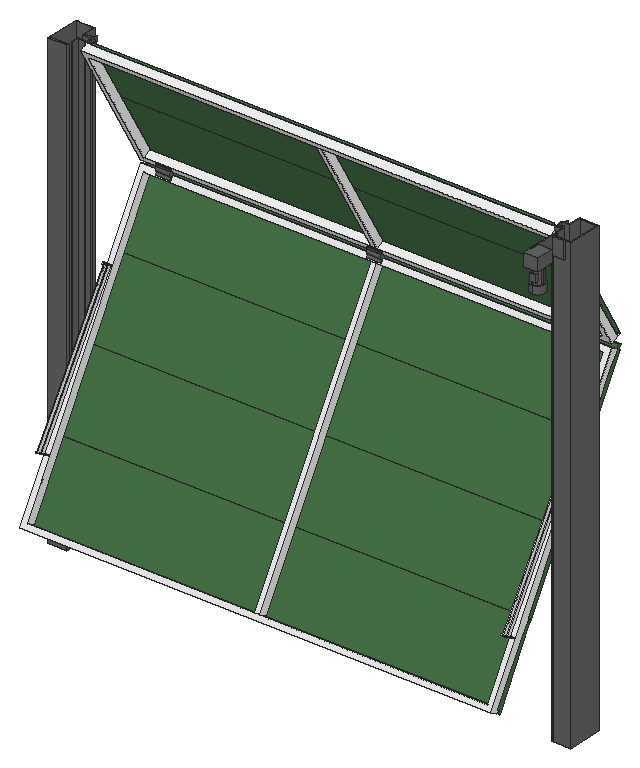
Revit family "2014-ES_Puerta-Basculante-Contrapesada-Preleva-2-Hojas_AEPA_XXX", category Puertas, Revit 2014
Parameters (values of type "Puerta Garaje 3000x2600 mm")
  Uniclass 2.0 Descripción = "Folding gate automation mechanisms"  # constant formula
  Uniclass 2.0 Código = "30-59-33-31"  # constant formula
  URL = "http://www.aepa.ws/web/index.php"
  UNSPSC Código = "30171526"  # constant formula
  UNSPSC Categoría = "Folding door"  # constant formula
  Omniclass Título = "Folding Composite Doors"  # constant formula
  Omniclass Código = "23-17 11 19 15"  # constant formula
  Modelo = "Genérico AEPA"  # constant formula
  Material estructura Acero = Acero - Puerta Generica - AEPA
  Material estructura Aluminio = Aluminio- Puerta Generica- AEPA
  Material de acabado = Panel Sandwich- Puerta Generica- AEPA
  Masterformat Descripción = "Folding Doors"  # constant formula
  Masterformat Código = "08 35 13"  # constant formula
  IFC Clasificación = ""
  Fecha de Caducidad de Información = "01/01/2016"  # constant formula
  Fecha Revisión de Contenido = "19/12/2014"  # constant formula
  Fabricante - ROLLTORE PORTIS = "http://www.portis.es/"
  Fabricante - PUERTAS BAHÍA = "http://www.puertasbahia.com/"
  Distancia Refuerzo inferior [instance] = Altura dos tercios - 200 mm  # 1533.333 mm
  Descripción = "Puerta Basculante Contrapesada Prelevas 2 Hojas"  # constant formula
  Creado por = "Bimetica Parametric Design Services S.L."  # constant formula
  Colección = "Biblioteca BIM AEPA"  # constant formula
  COBie Categoría = ""
  Bimetica = "http://www.bimetica.com"
  Asociación - AEPA = "http://www.aepa.ws/web/index.php"
  Angulo de giro inferior = Angulo de giro CONTROL * 2  # 120.00°
  Grosor = 200 mm
  Función = Interior
  Angulo de giro CONTROL = if(Angulo de giro APERTURA < 2.00°, 2.00°, if(Angulo de giro APERTURA > 90.00°, 90.00°, Angulo de giro APERTURA))  # 60.00°
  Angulo de giro APERTURA = 60.00°
  Anchura CONTROL = if(Anchura > 5000 mm, 5000 mm, if(Anchura < 2200 mm, 2200 mm, Anchura))  # 3000 mm
  Altura_panel_superior = (Altura CONTROL - Altura dos tercios) - 5 mm  # 861.667 mm
  Altura_panel_inferior = Altura dos tercios - 5 mm  # 1728.333 mm
  Altura suelo a bisagra [instance] = Altura dos tercios  # 1733.333 mm
  Altura lama superior [instance] = Altura suelo a bisagra / 4  # 433.333 mm
  Altura lama inferior [instance] = (Altura suelo a bisagra / 4) + 20 mm  # 453.333 mm
  Altura entre bisagras = (Altura CONTROL - Altura dos tercios) - 25 mm  # 841.667 mm
  Altura CONTROL = if(Altura > 4000 mm, 4000 mm, if(Altura < 2000 mm, 2000 mm, Altura))  # 2600 mm
  Altura = 2600 mm
  Cierre de muro = Por anfitrión
  Anchura = 3000 mm
  Altura dos tercios = 2 * Altura CONTROL / 3  # 1733.333 mm
Reference planes
  plane 1: y = -25
  plane 2 "Centro (Izquierda/Derecha)": x = 0
  plane 3 "Izquierda": x = -1500
  plane 4 "Derecha": x = 1500
  plane 5 "ALTURA": z = 2600
  plane 6 "Offset": y = -25
  plane 7 "Interior": y = -125
  plane 8 "Exterior": y = 75
  plane 9 "Altura Bisagra": z = 1733.333
  plane 10 "bisagra superior": z = 2575
  plane 11: y = -5
Forms (mm)
  Extrusion 1, solid, material "Acero - Puerta Generica - AEPA" <- "Material estructura Acero"
    sketch origin (0, 0, 0) x (1, 0, 0) y (0, 1, 0)
      loop
        line (-1395, -5) -> (-1350, -5) -> (-1350, 0) -> (-1390, 0) -> (-1390, 75) -> (-1500, 75) -> (-1500, -125) -> (-1390, -125) -> (-1390, -113) -> (-1395, -113) -> (-1395, -120) -> (-1495, -120) -> (-1495, 70) -> (-1395, 70) -> (-1395, -5)
      loop
        line (-1390, -50) -> (-1350, -50) -> (-1350, -45) -> (-1395, -45) -> (-1395, -86.992) -> (-1390, -86.992) -> (-1390, -50)
    from 0 to 2600 <- "Altura CONTROL"
  Extrusion 2, solid, material "Acero - Puerta Generica - AEPA" <- "Material estructura Acero"
    sketch origin (0, 0, 0) x (1, 0, 0) y (0, 1, 0)
      loop
        line (1395, -5) -> (1395, 70) -> (1495, 70) -> (1495, -120) -> (1395, -120) -> (1395, -113) -> (1390, -113) -> (1390, -125) -> (1500, -125) -> (1500, 75) -> (1390, 75) -> (1390, 0) -> (1350, 0) -> (1350, -5) -> (1395, -5)
      loop
        line (1390, -50) -> (1390, -86.992) -> (1395, -86.992) -> (1395, -45) -> (1350, -45) -> (1350, -50) -> (1390, -50)
    from 0 to 2600 <- "Altura CONTROL"
  Sweep 3, solid, material "Aluminio- Puerta Generica- AEPA" <- "Material estructura Aluminio", detail levels medium+fine
    path origin (0, -5, 2575) x (0, 0.5, -0.866025) y (1, 0, 0)
      loop
        line (-25, 1350) -> (-25, -1350) -> (836.667, -1350) -> (836.667, 1350) -> (-25, 1350)
    profile origin (0, -17.5, 2596.651) x (0, 0.5, -0.866025) y (0, -0.866025, -0.5)
      loop
        line (0, 70) -> (0, 20) -> (30, 20) -> (30, 70) -> (0, 70)
  Sweep 4, solid, material "Aluminio- Puerta Generica- AEPA" <- "Material estructura Aluminio", detail levels medium+fine
    path origin (0, -520.115, 304.985) x (0, 0.5, 0.866025) y (1, 0, 0)
      loop
        line (1728.333, 1350) -> (0, 1350) -> (0, -1350) -> (1728.333, -1350) -> (1728.333, 1350)
    profile origin (0, 344.051, 1801.765) x (0, 0.5, 0.866025) y (0, 0.866025, -0.5)
      loop
        line (0, 60) -> (-30, 60) -> (-30, 10) -> (0, 10) -> (0, 60)
  Extrusion 5, solid, material "Acero - Puerta Generica - AEPA" <- "Material estructura Acero", detail levels medium+fine
    sketch origin (0, -580.739, 199.982) x (0, 0.5, 0.866025) y (1, 0, 0)
      loop
        line (1824.58, 40) -> (1824.58, -40) -> (1849.58, -40) -> (1849.58, 40) -> (1824.58, 40)
    from 5 to 10
  Extrusion 6, solid, material "Acero - Puerta Generica - AEPA" <- "Material estructura Acero", detail levels medium+fine
    sketch origin (-1710, -580.739, 199.982) x (0, 0.5, 0.866025) y (1, 0, 0)
      loop
        line (1824.58, 540) -> (1824.58, 460) -> (1849.58, 460) -> (1849.58, 540) -> (1824.58, 540)
    from 5 to 10
  Extrusion 7, solid, material "Acero - Puerta Generica - AEPA" <- "Material estructura Acero", detail levels medium+fine
    sketch origin (0, -520.115, 304.985) x (0, 0.5, 0.866025) y (0, -0.866025, 0.5)
      loop
        circle (1733.333, 0) r 11.18
    from 40 to -40
  Extrusion 8, solid, material "Acero - Puerta Generica - AEPA" <- "Material estructura Acero", detail levels medium+fine
    sketch origin (0, -520.115, 304.985) x (0, 0.5, 0.866025) y (0, -0.866025, 0.5)
      loop
        circle (1733.333, 0) r 11.18
    from 1250 to 1170
  Extrusion 9, solid, material "Acero - Puerta Generica - AEPA" <- "Material estructura Acero", detail levels medium+fine
    sketch origin (0, -520.115, 304.985) x (0, 0.5, 0.866025) y (0, -0.866025, 0.5)
      loop
        circle (1733.333, 0) r 11.18
    from -1170 to -1250
  Extrusion 10, solid, material "Acero - Puerta Generica - AEPA" <- "Material estructura Acero", detail levels medium+fine
    sketch origin (1710, -580.739, 199.982) x (0, 0.5, 0.866025) y (1, 0, 0)
      loop
        line (1824.58, -540) -> (1849.58, -540) -> (1849.58, -460) -> (1824.58, -460) -> (1824.58, -540)
    from 5 to 10
  Extrusion 11, solid, material "Acero - Puerta Generica - AEPA" <- "Material estructura Acero", detail levels medium+fine
    sketch origin (0, -5, 2575) x (0, 0.5, -0.866025) y (1, 0, 0)
      loop
        line (811.667, -40) -> (836.667, -40) -> (836.667, 40) -> (811.667, 40) -> (811.667, -40)
    from 70 to 75
  Extrusion 12, solid, material "Acero - Puerta Generica - AEPA" <- "Material estructura Acero", detail levels medium+fine
    sketch origin (-1210, -5, 2575) x (0, 0.5, -0.866025) y (1, 0, 0)
      loop
        line (811.667, -40) -> (836.667, -40) -> (836.667, 40) -> (811.667, 40) -> (811.667, -40)
    from 70 to 75
  Extrusion 13, solid, material "Acero - Puerta Generica - AEPA" <- "Material estructura Acero", detail levels medium+fine
    sketch origin (1210, -5, 2575) x (0, 0.5, -0.866025) y (1, 0, 0)
      loop
        line (811.667, -40) -> (836.667, -40) -> (836.667, 40) -> (811.667, 40) -> (811.667, -40)
    from 70 to 75
  Extrusion 14, solid, material "Acero - Puerta Generica - AEPA" <- "Material estructura Acero", detail levels medium+fine
    sketch origin (21.233, -5, 2575) x (0, 0.5, -0.866025) y (1, 0, 0)
      loop
        line (-15, 1323.767) -> (-15, 1318.767) -> (15, 1318.767) -> (15, 1323.767) -> (-15, 1323.767)
    from 15 to -15
  Extrusion 15, solid, material "Acero - Puerta Generica - AEPA" <- "Material estructura Acero", detail levels medium+fine
    sketch origin (0, -25, 0) x (1, 0, 0) y (0, 0, 1)
      loop
        line (1375, 2595) -> (1350, 2595) -> (1350, 2555) -> (1375, 2555) -> (1375, 2595)
    from -25 to -30
  Extrusion 16, solid, material "Acero - Puerta Generica - AEPA" <- "Material estructura Acero", detail levels medium+fine
    sketch origin (0, -25, 0) x (1, 0, 0) y (0, 0, 1)
      loop
        line (1355, 2590) -> (1350, 2590) -> (1350, 2560) -> (1355, 2560) -> (1355, 2590)
    from -30 to -60
  Extrusion 17, solid, material "Acero - Puerta Generica - AEPA" <- "Material estructura Acero", detail levels medium+fine
    sketch origin (-2725, -25, 0) x (1, 0, 0) y (0, 0, 1)
      loop
        line (1375, 2595) -> (1350, 2595) -> (1350, 2555) -> (1375, 2555) -> (1375, 2595)
    from -25 to -30
  Extrusion 18, solid, material "Acero - Puerta Generica - AEPA" <- "Material estructura Acero", detail levels medium+fine
    sketch origin (-2705, -25, 0) x (1, 0, 0) y (0, 0, 1)
      loop
        line (1355, 2590) -> (1350, 2590) -> (1350, 2560) -> (1355, 2560) -> (1355, 2590)
    from -30 to -60
  Extrusion 19, solid, material "Acero - Puerta Generica - AEPA" <- "Material estructura Acero", detail levels medium+fine
    sketch origin (-2665, -5, 2575) x (0, 0.5, -0.866025) y (1, 0, 0)
      loop
        line (20, 1345) -> (-20, 1345) -> (-20, 1320) -> (20, 1320) -> (20, 1345)
    from 20 to 15
  Extrusion 20, solid, material "Acero - Puerta Generica - AEPA" <- "Material estructura Acero", detail levels medium+fine
    sketch origin (0, -5, 2575) x (0, 0.5, -0.866025) y (0, 0.866025, 0.5)
      loop
        circle (0, 0) r 7.5
    from -1332.5 to -1362.5
  Extrusion 21, solid, material "Acero - Puerta Generica - AEPA" <- "Material estructura Acero", detail levels medium+fine
    sketch origin (0, -5, 2575) x (0, 0.5, -0.866025) y (0, 0.866025, 0.5)
      loop
        circle (0, 0) r 7.5
    from 1362.5 to 1332.5
  Extrusion 22, solid, material "Aluminio- Puerta Generica- AEPA" <- "Material estructura Aluminio", detail levels fine
    sketch origin (0, -520.115, 304.985) x (0, 0.5, 0.866025) y (1, 0, 0)
      loop
        line (349.884, 1325) -> (354.884, 1325) -> (354.884, 1345) -> (349.884, 1345) -> (349.884, 1325)
    from 10 to -70
  Extrusion 23, solid, material "Aluminio- Puerta Generica- AEPA" <- "Material estructura Aluminio", detail levels fine
    sketch origin (0, -120.115, 997.805) x (0, 0.5, 0.866025) y (1, 0, 0)
      loop
        line (449.884, 1325) -> (454.884, 1325) -> (454.884, 1345) -> (449.884, 1345) -> (449.884, 1325)
    from 10 to -40
  Extrusion 24, solid, material "Acero - Puerta Generica - AEPA" <- "Material estructura Acero", detail levels fine
    sketch origin (0, 0, 2600) x (0, -1, 0) y (1, 0, 0)
      loop
        line (125, 1390) -> (280, 1390) -> (280, 1395) -> (130, 1395) -> (130, 1465) -> (125, 1465) -> (125, 1390)
    from 0 to -100
  Extrusion 25, solid, material "Acero - Puerta Generica - AEPA" <- "Material estructura Acero", detail levels fine
    sketch origin (0, 0, 2600) x (0, -1, 0) y (1, 0, 0)
      loop
        line (230, 1395) -> (330, 1395) -> (330, 1475) -> (230, 1475) -> (230, 1395)
    from 0 to -70
  Extrusion 26, solid, material "Acero - Puerta Generica - AEPA" <- "Material estructura Acero", detail levels fine
    sketch origin (0, 0, 2600) x (0, -1, 0) y (1, 0, 0)
      loop
        line (310, 1435) -> (304.271, 1452.634) -> (289.271, 1463.532) -> (270.729, 1463.532) -> (255.729, 1452.634) -> (250, 1435) -> (255.729, 1417.366) -> (270.729, 1406.468) -> (289.271, 1406.468) -> (304.271, 1417.366) -> (310, 1435)
    from -70 to -160
  Extrusion 27, solid, material "Acero - Puerta Generica - AEPA" <- "Material estructura Acero", detail levels fine
    sketch origin (0, -5.459, 2600) x (0, -1, 0) y (1, 0, 0)
      loop
        circle (274.541, 1435) r 40
    from -160 to -200
  Extrusion 28, solid, material "Acero - Puerta Generica - AEPA" <- "Material estructura Acero", detail levels fine
    sketch origin (0, 3.885, 2600) x (0, -1, 0) y (1, 0, 0)
      loop
        line (303.339, 1417.5) -> (323.339, 1417.5) -> (323.339, 1452.5) -> (303.339, 1452.5) -> (303.339, 1417.5)
    from -100 to -140
  Extrusion 29, solid, material "Panel Sandwich- Puerta Generica- AEPA" <- "Material de acabado", detail levels medium+fine
    sketch origin (0, -520.115, 304.985) x (0, 0.5, 0.866025) y (0, -0.866025, 0.5)
      loop
        line (20, -60) -> (20, -75) -> (0, -75) -> (0, -80) -> (427.983, -80) -> (427.983, -70) -> (453.333, -70) -> (453.333, -60) -> (20, -60)
    from 1350 to -1350
  Extrusion 30, solid, material "Panel Sandwich- Puerta Generica- AEPA" <- "Material de acabado", detail levels medium+fine
    sketch origin (0, -321.782, 648.508) x (0, 0.5, 0.866025) y (0, -0.866025, 0.5)
      loop
        line (56.667, -60) -> (56.667, -75) -> (36.667, -75) -> (36.667, -80) -> (464.65, -80) -> (464.65, -70) -> (490, -70) -> (490, -60) -> (56.667, -60)
    from 1350 to -1350
  Extrusion 31, solid, material "Panel Sandwich- Puerta Generica- AEPA" <- "Material de acabado", detail levels medium+fine
    sketch origin (0, -112.893, 1010.314) x (0, 0.5, 0.866025) y (0, -0.866025, 0.5)
      loop
        line (72.222, -60) -> (72.222, -75) -> (52.222, -75) -> (52.222, -80) -> (480.206, -80) -> (480.206, -70) -> (505.556, -70) -> (505.556, -60) -> (72.222, -60)
    from 1350 to -1350
  Extrusion 32, solid, material "Panel Sandwich- Puerta Generica- AEPA" <- "Material de acabado", detail levels medium+fine
    sketch origin (0, 31.057, 1259.644) x (0, 0.5, 0.866025) y (0, -0.866025, 0.5)
      loop
        line (217.654, -60) -> (217.654, -75) -> (197.654, -75) -> (197.654, -80) -> (625.638, -80) -> (625.638, -70) -> (650.988, -70) -> (650.988, -60) -> (217.654, -60)
    from 1350 to -1350
  Extrusion 33, solid, material "Panel Sandwich- Puerta Generica- AEPA" <- "Material de acabado", detail levels medium+fine
    sketch origin (0, -5, 2575) x (0, 0.5, -0.866025) y (0, 0.866025, 0.5)
      loop
        line (821.667, -20) -> (821.667, -5) -> (841.667, -5) -> (841.667, 0) -> (413.683, 0) -> (413.683, -10) -> (388.333, -10) -> (388.333, -20) -> (821.667, -20)
    from 1350 to -1350
  Extrusion 34, solid, material "Panel Sandwich- Puerta Generica- AEPA" <- "Material de acabado", detail levels medium+fine
    sketch origin (0, -29.902, 2618.132) x (0, 0.5, -0.866025) y (0, 0.866025, 0.5)
      loop
        line (438.137, -20) -> (438.137, -5) -> (458.137, -5) -> (458.137, 0) -> (64.804, 0) -> (64.804, -10) -> (24.804, -10) -> (24.804, -20) -> (438.137, -20)
    from 1350 to -1350
  Extrusion 35, void
    sketch origin (0, -5, 2575) x (0, -0.5, 0.866025) y (1, 0, 0)
      loop
        line (-25, 1320) -> (25, 1320) -> (25, 1350) -> (-25, 1350) -> (-25, 1320)
    from 0 to -20
  Extrusion 36, void
    sketch origin (0, -5, 2575) x (0, -0.5, 0.866025) y (1, 0, 0)
      loop
        line (-25, -1350) -> (25, -1350) -> (25, -1320) -> (-25, -1320) -> (-25, -1350)
    from 0 to -20
  Extrusion 37, solid, material "Acero - Puerta Generica - AEPA" <- "Material estructura Acero", detail levels medium+fine
    sketch origin (0, -5, 2575) x (0, 0.5, -0.866025) y (1, 0, 0)
      loop
        line (-15.162, -1340) -> (-15.162, -1345) -> (14.838, -1345) -> (14.838, -1340) -> (-15.162, -1340)
    from 15 to -15
  Extrusion 38, solid, material "Acero - Puerta Generica - AEPA" <- "Material estructura Acero", detail levels medium+fine
    sketch origin (0, -5, 2575) x (0, 0.5, -0.866025) y (1, 0, 0)
      loop
        line (20, 1345) -> (-20, 1345) -> (-20, 1320) -> (20, 1320) -> (20, 1345)
    from 15 to 20
  Extrusion 39, solid, material "Aluminio- Puerta Generica- AEPA" <- "Material estructura Aluminio", detail levels fine
    sketch origin (0, -520.115, 304.985) x (0, 0.5, 0.866025) y (1, 0, 0)
      loop
        line (349.884, -1325) -> (349.884, -1345) -> (354.884, -1345) -> (354.884, -1325) -> (349.884, -1325)
    from 10 to -70
  Extrusion 40, solid, material "Aluminio- Puerta Generica- AEPA" <- "Material estructura Aluminio", detail levels fine
    sketch origin (0, -520.115, 304.985) x (0, 0.5, 0.866025) y (1, 0, 0)
      loop
        line (1254.884, -1325) -> (1249.884, -1325) -> (1249.884, -1345) -> (1254.884, -1345) -> (1254.884, -1325)
    from 10 to -40
  Sweep 41, solid, material "Aluminio- Puerta Generica- AEPA" <- "Material estructura Aluminio", detail levels fine
    path origin (0, -520.115, 304.985) x (0, 0.5, 0.866025) y (0, 0.866025, -0.5)
      loop
        line (1252.367, -40.188) -> (352.401, -70.376)
    profile origin (0, 71.264, 1409.66) x (0, -0.848776, 0.528752) y (-1, 0, 0)
      loop
        line (0.188, 1332.5) -> (0.188, 1337.5) -> (-14.812, 1337.5) -> (-14.812, 1332.5) -> (0.188, 1332.5)
      loop
        line (-34.777, 1332.5) -> (-34.777, 1337.5) -> (-49.777, 1337.5) -> (-49.777, 1332.5) -> (-34.777, 1332.5)
      loop
        line (0.188, -1332.5) -> (-14.812, -1332.5) -> (-14.812, -1337.5) -> (0.188, -1337.5) -> (0.188, -1332.5)
      loop
        line (-34.777, -1332.5) -> (-49.777, -1332.5) -> (-49.777, -1337.5) -> (-34.777, -1337.5) -> (-34.777, -1332.5)
  Extrusion 42, solid, material "Aluminio- Puerta Generica- AEPA" <- "Material estructura Aluminio", detail levels medium+fine
    sketch origin (-272.494, -520.115, 304.985) x (0, 0.5, 0.866025) y (1, 0, 0)
      loop
        line (1698.333, 257.494) -> (1698.333, 287.494) -> (30, 287.494) -> (30, 257.494) -> (1698.333, 257.494)
    from 60 to 10
  Extrusion 43, solid, material "Aluminio- Puerta Generica- AEPA" <- "Material estructura Aluminio", detail levels medium+fine
    sketch origin (270.985, -5, 2575) x (0, 0.5, -0.866025) y (1, 0, 0)
      loop
        line (5, -255.985) -> (5, -285.985) -> (806.667, -285.985) -> (806.667, -255.985) -> (5, -255.985)
    from 70 to 20
  Extrusion 44, solid, material "Panel Sandwich- Puerta Generica- AEPA" <- "Material de acabado", detail levels coarse
    sketch origin (0, -520.115, 304.985) x (0, 0.5, 0.866025) y (1, 0, 0)
      loop
        line (0, -1350) -> (1733.333, -1350) -> (1733.333, 1350) -> (0, 1350) -> (0, -1350)
    from 80 to 10
  Extrusion 45, solid, material "Panel Sandwich- Puerta Generica- AEPA" <- "Material de acabado", detail levels coarse
    sketch origin (0, -5, 2575) x (0, 0.5, -0.866025) y (1, 0, 0)
      loop
        line (841.667, 1350) -> (0, 1350) -> (0, -1350) -> (841.667, -1350) -> (841.667, 1350)
    from 70 to 0
Cuts and joins
  Extrusion 35, Extrusion 36 cuts Extrusion 34
  Extrusion 36 cuts Extrusion 18
Lines and regions (mm)
  Opening 1
    outline origin (-3050, -125, 0) x (1, 0, 0) y (0, 0, 1)
      loop
        line (1550, 0) -> (4550, 0) -> (4550, 2600) -> (1550, 2600) -> (1550, 0)
  reference lines
    curve 1: line (0, -5, 2575) -> (0, 415.833, 1846.095)
    curve 2: line (0, 346.551, 1806.095) -> (0, 415.833, 1846.095)
    curve 3: line (0, -520.115, 304.985) -> (0, 346.551, 1806.095)
  symbolic lines, style "DoorsHiddenLines"
    curve 4: line (-1350, -520.115, 0) -> (-1350, 415.833, 0)
    curve 5: line (-1350, 415.833, 0) -> (1350, 415.833, 0)
    curve 6: line (1350, 415.833, 0) -> (1350, -520.115, 0)
    curve 7: line (1350, -520.115, 0) -> (-1350, -520.115, 0)
    curve 8: line (-1350, -50, 0) -> (1350, -50, 0)
    curve 9: line (-1350, 0, 0) -> (1350, 0, 0)
Text (mm)
  text "Exterior" at (-2295.016, 1099.543, 0), in view "Nivel de referencia"
  text "Exterior" at (0, 1615.38, 3698.081), in view "Izquierda"
  text "Exterior" at (0, 1036.032, 3874.932), in view "Derecha"
Dimensions and locks
  equal spacing: plane 3 "Izquierda", plane 2 "Centro (Izquierda/Derecha)", plane 4 "Derecha"
  "Anchura CONTROL": plane 3 "Izquierda" to plane 4 "Derecha"
  host wall to plane 5 "ALTURA" = 2600 mm  (x2)
  plane 6 "Offset" to host wall = 100 mm
  plane 7 "Interior" to host wall = 0 mm
  "Grosor": plane 7 "Interior" to plane 8 "Exterior"
  plane 6 "Offset" to plane 8 "Exterior" = 100 mm
  plane 6 "Offset" to host wall = 0 mm
  locked: plane 3 "Izquierda" to Extrusion 1 at 150  (x2)
  locked: Extrusion 2 to plane 4 "Derecha" at 150  (x2)
  Extrusion 2 sketch curve to Extrusion 2 sketch curve to Extrusion 2 sketch curve to Extrusion 2 sketch curve to Extrusion 2 sketch curve to Extrusion 2 sketch curve to Extrusion 2 sketch curve to Extrusion 2 sketch curve to Extrusion 2 sketch curve to Extrusion 2 sketch curve = 5 mm locked, 7 mm locked, 26.008 mm locked, 36.992 mm locked, 5 mm locked, 40 mm locked, 5 mm locked, 70 mm locked, 5 mm locked
  plane 3 "Izquierda" to Extrusion 1 sketch curve to Extrusion 1 sketch curve to Extrusion 1 sketch curve to Extrusion 1 sketch curve = 5 mm locked, 100 mm locked, 5 mm locked, 40 mm locked
  Extrusion 2 sketch curve to Extrusion 2 sketch curve to Extrusion 2 sketch curve to Extrusion 2 sketch curve to plane 4 "Derecha" = 40 mm locked, 5 mm locked, 100 mm locked, 5 mm locked
  locked: plane 10 "bisagra superior" to plane 5 "ALTURA" at 25
  locked: plane 11 to host wall at 20
  locked: curve 2 to curve 2 at 80
  "Altura entre bisagras": curve 1 to curve 2
  locked: Sweep 3 sketch curve to plane 4 "Derecha" at 150
  locked: plane 3 "Izquierda" to Sweep 3 sketch curve at 150
  locked: Sweep 4 sketch curve to plane 4 "Derecha" at 150
  locked: plane 3 "Izquierda" to Sweep 4 sketch curve at 150
  "Altura_panel_inferior": Sweep 4 sketch curve to Sweep 4 sketch curve
  "Altura suelo a bisagra": curve 3 to curve 3
  curve 3 to Extrusion 5 sketch curve to Extrusion 5 sketch curve = 5 mm locked, 25 mm locked
  Extrusion 5 sketch curve to curve 3 to Extrusion 5 sketch curve = 40 mm locked, 40 mm locked
  curve 3 to Extrusion 6 sketch curve to Extrusion 6 sketch curve = 5 mm locked, 25 mm locked
  plane 3 "Izquierda" to Extrusion 6 sketch curve to Extrusion 6 sketch curve = 250 mm locked, 80 mm locked
  locked: Extrusion 10 sketch curve to Extrusion 10 sketch curve at 25
  Extrusion 10 sketch curve to Extrusion 10 sketch curve to plane 4 "Derecha" = 80 mm locked, 250 mm locked
  locked: Extrusion 11 sketch curve to curve 1 at 40
  locked: curve 1 to Extrusion 11 sketch curve at 40
  locked: Extrusion 11 sketch curve to Extrusion 11 sketch curve at 25
  locked: Extrusion 12 sketch curve to Extrusion 12 sketch curve at 25
  plane 3 "Izquierda" to Extrusion 12 sketch curve to Extrusion 12 sketch curve = 250 mm locked, 80 mm locked
  locked: Extrusion 13 sketch curve to Extrusion 13 sketch curve at 25
  Extrusion 13 sketch curve to Extrusion 13 sketch curve to plane 4 "Derecha" = 80 mm locked, 250 mm locked
  locked: curve 1 to Extrusion 14 sketch curve at 15
  locked: Extrusion 14 sketch curve to curve 1 at 15
  Extrusion 14 sketch curve to Extrusion 14 sketch curve to plane 4 "Derecha" = 5 mm locked, 155 mm locked
  Extrusion 15 sketch curve to Extrusion 15 sketch curve to plane 4 "Derecha" = 25 mm locked, 125 mm locked
  Extrusion 15 sketch curve to Extrusion 15 sketch curve to plane 5 "ALTURA" = 40 mm locked, 5 mm locked
  plane 6 "Offset" to Extrusion 15 to Extrusion 15 = 25 mm locked, 5 mm locked
  Extrusion 16 sketch curve to Extrusion 16 sketch curve to plane 4 "Derecha" = 5 mm locked, 145 mm locked
  Extrusion 16 sketch curve to Extrusion 16 sketch curve to plane 5 "ALTURA" = 30 mm locked, 10 mm locked
  plane 6 "Offset" to Extrusion 16 to Extrusion 16 = 30 mm locked, 30 mm locked
  locked: Extrusion 17 to Extrusion 17 at 5
  locked: Extrusion 18 to Extrusion 18 at 30
  Extrusion 17 sketch curve to Extrusion 17 sketch curve to plane 5 "ALTURA" = 40 mm locked, 5 mm locked
  plane 3 "Izquierda" to Extrusion 17 sketch curve to Extrusion 17 sketch curve = 125 mm locked, 25 mm locked
  plane 6 "Offset" to Extrusion 17 to Extrusion 17 = 25 mm locked, 5 mm locked
  Extrusion 18 sketch curve to Extrusion 18 sketch curve to plane 5 "ALTURA" = 30 mm locked, 10 mm locked
  plane 3 "Izquierda" to Extrusion 18 sketch curve to Extrusion 18 sketch curve = 145 mm locked, 5 mm locked
  plane 6 "Offset" to Extrusion 18 to Extrusion 18 = 30 mm locked, 30 mm locked
  plane 3 "Izquierda" to Extrusion 19 sketch curve to Extrusion 19 sketch curve = 155 mm locked, 25 mm locked
  locked: Extrusion 19 sketch curve to Extrusion 19 sketch curve at 40
  plane 3 "Izquierda" to Extrusion 20 to Extrusion 20 = 137.5 mm locked, 30 mm locked
  Extrusion 21 to Extrusion 21 to plane 4 "Derecha" = 30 mm locked, 137.5 mm locked
  Extrusion 22 sketch curve to Extrusion 22 sketch curve to plane 4 "Derecha" = 20 mm locked, 155 mm locked
  Extrusion 23 sketch curve to Extrusion 23 sketch curve to curve 3 = 5 mm locked, 1249.884 mm locked
  Extrusion 23 sketch curve to Extrusion 23 sketch curve to plane 4 "Derecha" = 20 mm locked, 155 mm locked
  Extrusion 24 sketch curve to Extrusion 24 sketch curve to Extrusion 24 sketch curve to plane 4 "Derecha" = 5 mm locked, 70 mm locked, 35 mm locked
  plane 8 "Exterior" to Extrusion 24 sketch curve to Extrusion 24 sketch curve to Extrusion 24 sketch curve = 200 mm locked, 5 mm locked, 150 mm locked
  locked: Extrusion 24 to plane 5 "ALTURA" at 100
  Extrusion 25 sketch curve to Extrusion 25 sketch curve to plane 4 "Derecha" = 80 mm locked, 25 mm locked
  plane 8 "Exterior" to Extrusion 25 sketch curve to Extrusion 25 sketch curve = 305 mm locked, 100 mm locked
  Extrusion 26 sketch curve to Extrusion 26 sketch curve to Extrusion 26 sketch curve to Extrusion 26 sketch curve to Extrusion 26 sketch curve to plane 4 "Derecha" = 10.898 mm locked, 17.634 mm locked, 17.634 mm locked, 10.898 mm locked, 36.468 mm locked
  plane 8 "Exterior" to Extrusion 26 sketch curve to Extrusion 26 sketch curve to Extrusion 26 sketch curve to Extrusion 26 sketch curve to Extrusion 26 sketch curve to Extrusion 26 sketch curve = 325 mm locked, 5.729 mm locked, 15 mm locked, 18.541 mm locked, 15 mm locked, 5.729 mm locked
  locked: Extrusion 27 sketch curve to plane 4 "Derecha" at 65
  locked: plane 8 "Exterior" to Extrusion 27 sketch curve at 355
  Extrusion 28 sketch curve to Extrusion 28 sketch curve to plane 4 "Derecha" = 35 mm locked, 47.5 mm locked
  plane 8 "Exterior" to Extrusion 28 sketch curve to Extrusion 28 sketch curve = 374.454 mm locked, 20 mm locked
  locked: Extrusion 26 to plane 5 "ALTURA" at 70
  locked: Extrusion 26 to plane 5 "ALTURA" at 160
  Extrusion 27 to Extrusion 27 to plane 5 "ALTURA" = 40 mm locked, 160 mm locked
  Extrusion 28 to Extrusion 28 to plane 5 "ALTURA" = 40 mm locked, 100 mm locked
  "Altura lama inferior": Extrusion 29 sketch curve to curve 3
  Extrusion 29 sketch curve to Extrusion 29 sketch curve to Extrusion 29 sketch curve to Extrusion 29 sketch curve to curve 3 = 5 mm locked, 5 mm locked, 10 mm locked, 60 mm locked
  locked: Extrusion 29 sketch curve to Extrusion 29 sketch curve at 25.35
  locked: Extrusion 29 sketch curve to Extrusion 29 sketch curve at 20
  Extrusion 30 sketch curve to Extrusion 30 sketch curve to Extrusion 30 sketch curve to Extrusion 30 sketch curve = 5 mm locked, 5 mm locked, 10 mm locked
  locked: Extrusion 30 sketch curve to Extrusion 30 sketch curve at 25.35
  locked: Extrusion 30 sketch curve to Extrusion 30 sketch curve at 20
  "Altura lama inferior": Extrusion 30 sketch curve to Extrusion 30 sketch curve
  Extrusion 31 sketch curve to Extrusion 31 sketch curve to Extrusion 31 sketch curve to Extrusion 31 sketch curve = 5 mm locked, 5 mm locked, 10 mm locked
  locked: Extrusion 31 sketch curve to Extrusion 31 sketch curve at 25.35
  locked: Extrusion 31 sketch curve to Extrusion 31 sketch curve at 20
  "Altura lama inferior": Extrusion 31 sketch curve to Extrusion 31 sketch curve
  Extrusion 32 sketch curve to Extrusion 32 sketch curve to Extrusion 32 sketch curve to Extrusion 32 sketch curve = 5 mm locked, 5 mm locked, 10 mm locked
  locked: Extrusion 32 sketch curve to Extrusion 32 sketch curve at 25.35
  locked: Extrusion 32 sketch curve to Extrusion 32 sketch curve at 20
  "Altura lama inferior": Extrusion 32 sketch curve to Extrusion 32 sketch curve
  locked: plane 3 "Izquierda" to Extrusion 29 at 150
  locked: Extrusion 29 to plane 4 "Derecha" at 150
  locked: Extrusion 33 sketch curve to Extrusion 33 sketch curve at 25.35
  locked: Extrusion 33 sketch curve to Extrusion 33 sketch curve at 20
  "Altura lama inferior": Extrusion 33 sketch curve to Extrusion 33 sketch curve
  curve 1 to Extrusion 33 sketch curve to Extrusion 33 sketch curve to Extrusion 33 sketch curve = 5 mm locked, 5 mm locked, 10 mm locked
  locked: Extrusion 34 sketch curve to Extrusion 34 sketch curve at 40
  locked: Extrusion 34 sketch curve to Extrusion 34 sketch curve at 20
  "Altura lama superior": Extrusion 34 sketch curve to Extrusion 34 sketch curve
  Extrusion 34 sketch curve to Extrusion 34 sketch curve to Extrusion 34 sketch curve = 5 mm locked, 10 mm locked
  Extrusion 35 sketch curve to Extrusion 35 sketch curve to plane 4 "Derecha" = 30 mm locked, 150 mm locked
  plane 3 "Izquierda" to Extrusion 36 sketch curve to Extrusion 36 sketch curve = 150 mm locked, 30 mm locked
  plane 3 "Izquierda" to Extrusion 37 sketch curve to Extrusion 37 sketch curve = 155 mm locked, 5 mm locked
  locked: curve 1 to Extrusion 37 sketch curve at 15.162
  locked: Extrusion 37 sketch curve to curve 1 at 14.838
  Extrusion 38 sketch curve to Extrusion 38 sketch curve to plane 4 "Derecha" = 25 mm locked, 155 mm locked
  locked: curve 1 to Extrusion 38 sketch curve at 20
  locked: Extrusion 38 sketch curve to curve 1 at 20
  Extrusion 22 sketch curve to Extrusion 22 sketch curve to curve 3 = 5 mm locked, 349.884 mm locked
  Extrusion 1 sketch curve to Extrusion 1 sketch curve to Extrusion 1 sketch curve to Extrusion 1 sketch curve to Extrusion 1 sketch curve to Extrusion 1 sketch curve to Extrusion 1 sketch curve to Extrusion 1 sketch curve to Extrusion 1 sketch curve to Extrusion 1 sketch curve = 5 mm locked, 7 mm locked, 26.008 mm locked, 36.992 mm locked, 5 mm locked, 40 mm locked, 5 mm locked, 70 mm locked, 5 mm locked
  plane 3 "Izquierda" to Extrusion 39 sketch curve to Extrusion 39 sketch curve = 155 mm locked, 20 mm locked
  Extrusion 39 sketch curve to Extrusion 39 sketch curve to curve 3 = 5 mm locked, 349.884 mm locked
  plane 3 "Izquierda" to Extrusion 40 sketch curve to Extrusion 40 sketch curve = 155 mm locked, 20 mm locked
  Extrusion 40 sketch curve to Extrusion 40 sketch curve to curve 3 = 5 mm locked, 1249.884 mm locked
  locked: Sweep 41 sketch curve to Sweep 41 sketch curve at 5  (x2)
  plane 3 "Izquierda" to Sweep 41 sketch curve to Sweep 41 sketch curve = 162.5 mm locked, 5 mm locked
  curve 3 to Sweep 41 sketch curve to Sweep 41 sketch curve = 359.36 mm locked, 876.627 mm locked
  Sweep 41 sketch curve to Sweep 41 sketch curve to plane 4 "Derecha" = 5 mm locked, 162.5 mm locked
  locked: curve 3 to Extrusion 42 sketch curve at 35
  locked: curve 3 to Extrusion 42 sketch curve at 15  (x2)
  locked: Extrusion 42 sketch curve to curve 3 at 30
  locked: curve 2 to Extrusion 43 sketch curve at 35
  locked: Extrusion 43 sketch curve to curve 1 at 5
  locked: curve 1 to Extrusion 43 sketch curve at 15  (x2)
  "Altura CONTROL": plane 5 "ALTURA" to level
  "Altura dos tercios": plane 9 "Altura Bisagra" to level
  locked: Extrusion 44 sketch curve to plane 4 "Derecha" at 150
  locked: plane 3 "Izquierda" to Extrusion 44 sketch curve at 150
  locked: Extrusion 45 sketch curve to plane 4 "Derecha" at 150
  locked: plane 3 "Izquierda" to Extrusion 45 sketch curve at 150
  "Angulo de giro CONTROL": angle plane 10 "bisagra superior" to curve 1
  locked: curve 2 to curve 1 (angle 90.00°)
  "Angulo de giro inferior": angle curve 3 to curve 1
  aligned and locked: plane 3 "Izquierda" to Opening 1 sketch curve
  aligned and locked: plane 5 "ALTURA" to Opening 1 sketch curve  (x2)
  aligned and locked: Opening 1 sketch curve to plane 4 "Derecha"
  aligned and locked: Opening 1 sketch curve to level
  aligned and locked: plane 1 to host wall
  aligned and locked: Extrusion 1 sketch curve to Extrusion 1 sketch curve
  aligned and locked: Extrusion 2 sketch curve to Extrusion 2 sketch curve
  aligned and locked: plane 10 "bisagra superior" to curve 1
  aligned and locked: plane 11 to curve 1
  aligned and locked: Extrusion 9 to Extrusion 6
  aligned and locked: Extrusion 6 to Extrusion 9
  aligned and locked: Extrusion 7 to Extrusion 5
  aligned and locked: Extrusion 5 to Extrusion 7
  aligned and locked: Sweep 3 to Extrusion 11
  aligned and locked: Extrusion 10 to Extrusion 8
  aligned and locked: Extrusion 8 to Extrusion 10
  aligned and locked: plane 10 "bisagra superior" to Extrusion 20 sketch curve
  aligned and locked: plane 11 to Extrusion 20 sketch curve
  aligned and locked: plane 10 "bisagra superior" to Extrusion 21 sketch curve
  aligned and locked: plane 11 to Extrusion 21 sketch curve
  aligned and locked: Extrusion 24 to plane 5 "ALTURA"
  aligned and locked: Extrusion 31 sketch curve to Extrusion 30
  aligned and locked: Extrusion 30 sketch curve to Extrusion 29
  aligned and locked: Extrusion 32 sketch curve to Extrusion 31
  aligned and locked: Extrusion 30 to Extrusion 29
  aligned and locked: Extrusion 29 to Extrusion 30
  aligned and locked: Extrusion 29 to Extrusion 31
  aligned and locked: Extrusion 29 to Extrusion 32
  aligned and locked: Extrusion 31 to Extrusion 29
  aligned and locked: Extrusion 32 to Extrusion 29
  aligned and locked: Extrusion 33 sketch curve to curve 2
  aligned and locked: Extrusion 29 to Extrusion 33
  aligned and locked: Extrusion 29 to Extrusion 34
  aligned and locked: Extrusion 33 to Extrusion 29
  aligned and locked: Extrusion 34 to Extrusion 29
  aligned and locked: Sweep 41 sketch curve to Sweep 41 sketch curve  (x2)
  aligned and locked: Extrusion 44 sketch curve to curve 3  (x2)
  aligned and locked: Extrusion 45 sketch curve to curve 1
  aligned and locked: Extrusion 45 sketch curve to curve 2
  aligned and locked: curve 4 to Extrusion 1
  aligned and locked: curve 6 to Extrusion 2
  aligned and locked: curve 7 to curve 3
  aligned and locked: curve 5 to curve 2
  aligned and locked: Extrusion 2 to curve 8
  aligned and locked: curve 8 to Extrusion 1
Automatic sketch dimensions
  curve 3 to Sweep 41 sketch curve = 70.376 mm
  curve 3 to Sweep 41 sketch curve = 40.188 mm
  Extrusion 7 sketch curve to curve 3 = 0 mm  (x2)
  Extrusion 8 sketch curve to curve 3 = 0 mm  (x2)
  Extrusion 9 sketch curve to curve 3 = 0 mm  (x2)
  Extrusion 10 sketch curve to curve 3 = 30 mm
  profile plane to Sweep 41 sketch curve = 49.777 mm  (x2)
  Sweep 41 sketch curve to Sweep 41 sketch curve = 15 mm  (x2)
  profile plane to Sweep 41 sketch curve = 14.812 mm  (x2)
  Sweep 41 sketch curve to profile plane = 0.188 mm  (x2)
  host wall to curve 8 = 25 mm
  plane 11 to curve 9 = 5 mm
  host wall to Extrusion 1 sketch curve = 0 mm
  Extrusion 1 sketch curve to plane 3 "Izquierda" = 0 mm
  Extrusion 1 sketch curve to Extrusion 1 sketch curve = 0 mm  (x2)
  Extrusion 1 sketch curve to Extrusion 1 sketch curve = 5 mm  (x2)
  host wall to Extrusion 2 sketch curve = 0 mm
  Extrusion 2 sketch curve to plane 4 "Derecha" = 0 mm
  Extrusion 2 sketch curve to Extrusion 2 sketch curve = 40 mm
  Extrusion 2 sketch curve to Extrusion 2 sketch curve = 0 mm
  Extrusion 2 sketch curve to Extrusion 2 sketch curve = 5 mm  (x2)
  Sweep 3 sketch curve to curve 1 = 25 mm
  Sweep 3 sketch curve to curve 1 = 5 mm
  Sweep 3 sketch curve to profile plane = 0 mm
  Sweep 3 sketch curve to Sweep 3 sketch curve = 30 mm
  profile plane to Sweep 3 sketch curve = 20 mm
  Sweep 3 sketch curve to Sweep 3 sketch curve = 50 mm
  profile plane to Sweep 4 sketch curve = 0 mm
  profile plane to Sweep 4 sketch curve = 10 mm
  Sweep 4 sketch curve to Sweep 4 sketch curve = 30 mm
  Sweep 4 sketch curve to Sweep 4 sketch curve = 50 mm
  Extrusion 11 sketch curve to curve 1 = 30 mm
  Extrusion 12 sketch curve to curve 1 = 30 mm
  Extrusion 13 sketch curve to curve 1 = 30 mm
  Extrusion 19 sketch curve to curve 1 = 20 mm
  Extrusion 26 sketch curve to Extrusion 26 sketch curve = 5.729 mm  (x2)
  Extrusion 26 sketch curve to Extrusion 26 sketch curve = 15 mm
  Extrusion 26 sketch curve to Extrusion 26 sketch curve = 18.541 mm
  plane 4 "Derecha" to Extrusion 26 sketch curve = 82.634 mm
  Extrusion 26 sketch curve to Extrusion 26 sketch curve = 17.634 mm
  Extrusion 26 sketch curve to Extrusion 26 sketch curve = 10.898 mm
  Extrusion 35 sketch curve to curve 1 = 25 mm
  curve 1 to Extrusion 35 sketch curve = 25 mm
  Extrusion 36 sketch curve to curve 1 = 25 mm
  curve 1 to Extrusion 36 sketch curve = 25 mm
  curve 3 to Sweep 4 sketch curve = 0 mm
  curve 3 to Extrusion 29 sketch curve = 0 mm
  curve 3 to Extrusion 30 sketch curve = 80 mm
  curve 3 to Extrusion 31 sketch curve = 80 mm
  Extrusion 32 sketch curve to curve 3 = 80 mm
  curve 1 to Extrusion 33 sketch curve = 0 mm
  curve 1 to Extrusion 34 sketch curve = 0 mm
  Extrusion 34 sketch curve to curve 1 = 25 mm
  Extrusion 34 sketch curve to Extrusion 34 sketch curve = 5 mm
  radius of Extrusion 20 sketch curve = 7.5 mm
  radius of Extrusion 21 sketch curve = 7.5 mm
  radius of Extrusion 27 sketch curve = 40 mm
  radius of Extrusion 7 sketch curve = 11.18 mm
  radius of Extrusion 8 sketch curve = 11.18 mm
  radius of Extrusion 9 sketch curve = 11.18 mm
